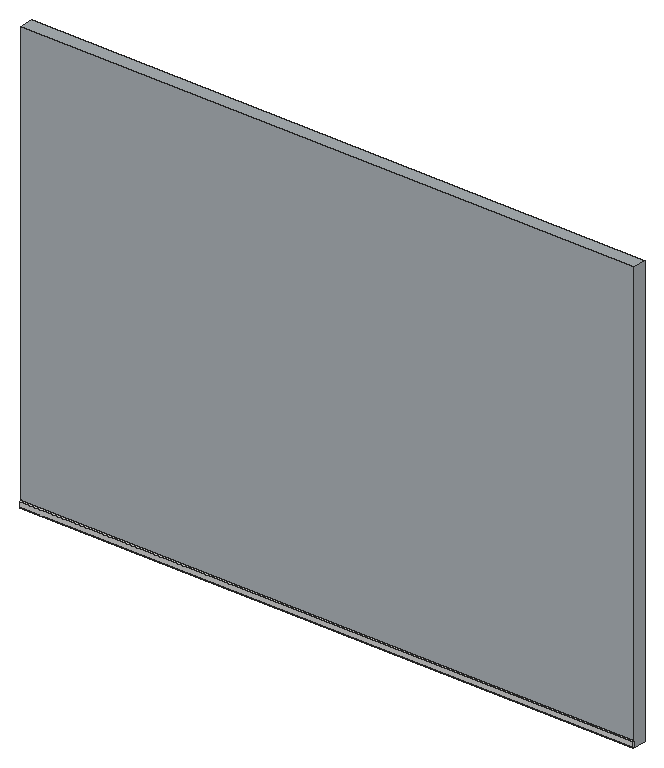
Revit family "Haworth_UniGroupToo_Panel_Insert", category Furniture Systems, Revit 2018
Family settings
  Round Connector Dimension = Use Diameter
  Part Type = Normal
  Work Plane-Based = No
  Always vertical = Yes
  Cut with Voids When Loaded = No
  Shared = No
  Room Calculation Point = No
Parameters (values of type "Insert")
  Warranty = "http://www.haworth.com/resources/product-info/warranties"
  URL - Product = "http://www.haworth.com/products/workspaces/panel-based/unigroup-too"
  URL = "www.haworth.com"
  Trim Offset = 0.625"  # constant formula
  Trim Finish [instance] = Haworth _ Metal _ Brushed Aluminum
  Tile Trim Strip [instance] = yes
  Revision Number = "2"  # constant formula
  Offset [instance] = 47.5"
  Insert Finish [instance] = Haworth _ Fabric _ Striae _ Band C1-AM
  Frame Width [instance] = 24"
  Tile Depth = 0.5"  # constant formula
  Model = "Haworth - UniGroup Too - Panel Insert"  # constant formula
  Manufacturer = "Haworth"  # constant formula
  Description = "Haworth - UniGroup Too - Panel Insert"  # constant formula
  Author = "Haworth (Hampton)"  # constant formula
  Assembly Code = "E2020500"
  Tile Height [instance] = 16"
Reference planes (in)
  plane 1 "Center F/B": y = -0.03024
  plane 2 "Bottom": z = 47.5
  plane 3 "Center L/R": x = 1.1802
  plane 4 "Left": x = -10.8198
  plane 5 "Right": x = 13.1802
  plane 6 "Back": y = 0.21976
  plane 7 "Front": y = -0.28024
  plane 8 "Top": z = 63.5
  plane 9 "Panel Left": x = -10.1948
  plane 10 "Panel Right": x = 12.5552
  plane 11 "Trim Strip Front": y = -0.32024
  plane 12 "Insertion Plane": y = -0.25024
  plane 13 "Trim Strip": z = 47.77
  plane 14: through (480, -0.28024, 47.77) normal (0, 0.7071, -0.7071)
  plane 15: through (480, -0.28024, 47.5) normal (0, -0.7071, -0.7071)
Forms (in)
  Extrusion 1, solid, material "Haworth _ Fabric _ Striae _ Band C1-AM" <- "Insert Finish"
    sketch origin (0, -0.03024, 0) x (1, 0, 0) y (0, 0, 1)
      loop
        line (-10.1948, 63.5) -> (-10.1948, 47.5) -> (12.5552, 47.5) -> (12.5552, 63.5) -> (-10.1948, 63.5)
    from -0.25 to 0.25
  Extrusion 2, solid, material "Haworth _ Metal _ Brushed Aluminum" <- "Trim Finish"
    sketch origin (1.1802, 0, 0) x (0, 1, 0) y (0, 0, 1)
      loop
        line (-0.32024, 47.54) -> (-0.28024, 47.5) -> (-0.28024, 47.77) -> (-0.32024, 47.73) -> (-0.32024, 47.54)
    from -11.375 to 11.375
Lines and regions (in)
  symbolic lines, style "Haworth"
    curve 1: line (-10.1948, -0.25024, 0) -> (12.5552, -0.25024, 0)
Dimensions and locks (in)
  equal spacing: plane 6 "Back", plane 1 "Center F/B", plane 7 "Front"
  "Tile Depth": plane 6 "Back" to plane 7 "Front"
  equal spacing: plane 4 "Left", plane 3 "Center L/R", plane 5 "Right"
  "Frame Width": plane 4 "Left" to plane 5 "Right"
  "Tile Height": plane 8 "Top" to plane 2 "Bottom"
  "Trim Offset": plane 4 "Left" to plane 9 "Panel Left"
  "Trim Offset": plane 10 "Panel Right" to plane 5 "Right"
  locked: plane 7 "Front" to plane 11 "Trim Strip Front" at 0.04
  locked: plane 12 "Insertion Plane" to plane 7 "Front" at 0.03
  "Offset": plane 2 "Bottom" to level
  locked: plane 13 "Trim Strip" to plane 2 "Bottom" at 0.27
  aligned and locked: plane 9 "Panel Left" to Extrusion 1 sketch curve
  aligned and locked: plane 10 "Panel Right" to Extrusion 1 sketch curve
  aligned: plane 8 "Top" to Extrusion 1
  aligned and locked: curve 1 to plane 12 "Insertion Plane"
  aligned and locked: Extrusion 1 to plane 2 "Bottom"
  aligned and locked: Extrusion 1 sketch curve to plane 8 "Top"
  aligned and locked: Extrusion 2 sketch curve to plane 7 "Front"
  aligned and locked: plane 11 "Trim Strip Front" to Extrusion 2 sketch curve
  aligned and locked: Extrusion 1 to Extrusion 2  (x2)
  aligned and locked: Extrusion 1 to plane 7 "Front"
  aligned and locked: plane 6 "Back" to Extrusion 1
  aligned and locked: Extrusion 2 to plane 14
  aligned and locked: plane 15 to Extrusion 2
Automatic sketch dimensions
  level to Extrusion 1 sketch curve = 47.5"
  curve 1 to plane 9 "Panel Left" = 0"
  curve 1 to plane 10 "Panel Right" = 0"
  plane 2 "Bottom" to Extrusion 2 sketch curve = 0.04"
  Extrusion 2 sketch curve to plane 13 "Trim Strip" = 0"
  Extrusion 2 sketch curve to plane 13 "Trim Strip" = 0.04"
  Extrusion 2 sketch curve to plane 2 "Bottom" = 0"
